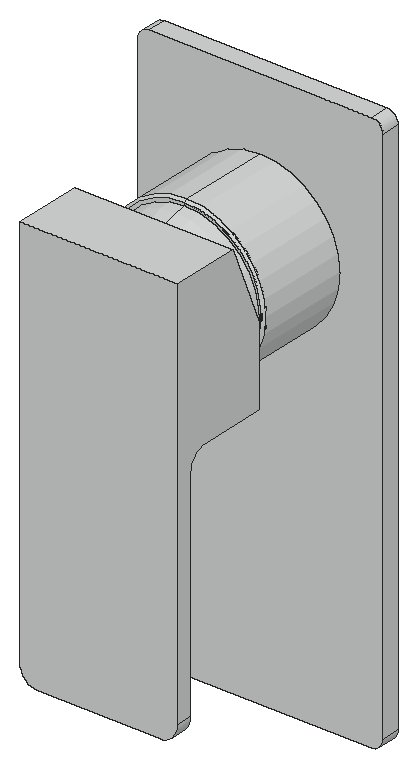
Revit family "MixerTap_Shower_Nero_Celia_Rectangular_Backplate", category Plumbing Fixtures, Revit 2022
Family settings
  Round Connector Dimension = Use Diameter
  Part Type = Normal
  OmniClass Number = 23.31.11.19
  OmniClass Title = Faucet Mixing Valves
  Work Plane-Based = No
  Always vertical = Yes
  Cut with Voids When Loaded = Yes
  Maintain Annotation Orientation = No
  Shared = No
  Room Calculation Point = No
Parameters (values of type "Chrome (NR301511bCH)")
  Waste Connection = no
  WFU = 0
  Vent Connection = no
  Uniclass2015Version = "Products v1.35"
  Uniclass2015Title = "Taps and water supply outlet fittings"
  Uniclass2015Code = "Pr_40_20_87"
  URL = "https://nerotapware.com.au/"
  Type Comments = "Mixer Tap - Shower - Rectangular - Backplate - Chrome"
  ModifiedIssue = 20251009
  Model = "NR301511bCH"
  Material = Metal_Chrome_Nero
  ManufacturerURLProductSpecific = ""
  ManufacturerSpecCode = Model  # "NR301511bCH"
  ManufacturerOverallWidth = 65 mm  # constant formula
  ManufacturerOverallHeight = 150 mm  # constant formula
  ManufacturerOverallDepth = 58.6 mm  # constant formula
  Manufacturer = "Nero"
  IfcExportType = "MIXING"
  IfcExportAs = "IfcValve"
  HWFU = 0
  HW Connection = yes
  Description = "Celia Shower Mixer Rectangular Backplate Chrome"
  Default Elevation = 1050 mm
  CreatedByURL = "https://igsgroup.com.au"
  CreatedBy = "IGS BIM Solutions"  # constant formula
  CWFU = 0
  CW Connection = yes
  Assembly Code = "D2010"
Types (3, lengths in mm): name | Type Comments | Model | Material | ManufacturerSpecCode | Description
  Chrome (NR301511bCH) | "Mixer Tap - Shower - Rectangular - Backplate - Chrome" | "NR301511bCH" | Metal_Chrome_Nero | "NR301511bCH" | "Celia Shower Mixer Rectangular Backplate Chrome"
  Matte Black (NR301511bMB) | "Mixer Tap - Shower - Rectangular - Backplate - Matte Black" | "NR301511bMB" | Metal_MatteBlack_Nero | "NR301511bMB" | "Celia Shower Mixer Rectangular Backplate Matte Black"
  Brushed Nickel (NR301511bBN) | "Mixer Tap - Shower - Rectangular - Backplate - Brushed Nickel" | "NR301511bBN" | Metal_Nickel_Nero_Brushed | "NR301511bBN" | "Celia Shower Mixer Rectangular Backplate Brushed Nickel"
Reference planes
  plane 1 "Bottom": z = -110
  plane 2 "Center (Left/Right)": x = 0.115
  plane 3 "Ref. Level": z = 0
  plane 4 "Top": z = 40
  plane 5 "Right": x = 32.615
  plane 6 "Left": x = -32.385
  plane 7 "Back": y = 70.962
  plane 8 "Front": y = 12.362
Forms (mm)
  Extrusion 1, solid, material "Metal_Chrome_Nero" <- "Material"
    sketch origin (-636.066, 70.962, 1080) x (-1, 0, 0) y (0, 0, -1)
      loop
        line (-665.681, 1040) -> (-606.681, 1040)
        arc (-606.681, 1040) -> (-604.56, 1040.879) -> (-603.681, 1043) r 3
        line (-603.681, 1043) -> (-603.681, 1187)
        arc (-603.681, 1187) -> (-604.56, 1189.121) -> (-606.681, 1190) r 3
        line (-606.681, 1190) -> (-665.681, 1190)
        arc (-665.681, 1190) -> (-667.803, 1189.121) -> (-668.681, 1187) r 3
        line (-668.681, 1187) -> (-668.681, 1043)
        arc (-668.681, 1043) -> (-667.803, 1040.879) -> (-665.681, 1040) r 3
    from 5 to 0
  Revolve 2, solid, material "Metal_Chrome_Nero" <- "Material"
    sketch origin (0.115, 85, -132.5) x (0, 1, 0) y (0, 0, 1)
      loop
        line (-19.038, 153.499) -> (-43.394, 153.499) -> (-44.038, 152.855) -> (-44.038, 151.998)
        arc (-44.038, 151.998) -> (-49.925, 150.802) -> (-55.238, 148) r 21.154
        line (-55.238, 148) -> (-55.238, 132.5) -> (-19.038, 132.5) -> (-19.038, 153.499)
      axis (-19.038, 132.5) -> (-55.238, 132.5)
    angle from 0 to 360
  Extrusion 3, solid, material "Metal_Chrome_Nero" <- "Material"
    sketch origin (0.115, 85, -132.5) x (0, 1, 0) y (0, 0, 1)
      loop
        line (-54.552, 153.5) -> (-72.638, 153.5) -> (-72.638, 48.5) -> (-68.638, 48.5) -> (-68.638, 106.5)
        arc (-68.638, 106.5) -> (-67.173, 110.036) -> (-63.638, 111.5) r 5
        line (-63.638, 111.5) -> (-45.638, 111.5) -> (-45.638, 132.5) -> (-54.552, 153.5)
    from 21 to -21
  Extrusion 4, solid, material "Metal_Chrome_Nero" <- "Material"
    sketch origin (-636.066, 12.362, 1080) x (-1, 0, 0) y (0, 0, -1)
      loop
        arc (-615.181, 1164) -> (-616.646, 1167.536) -> (-620.181, 1169) r 5
        line (-620.181, 1169) -> (-652.181, 1169)
        arc (-652.181, 1169) -> (-655.717, 1167.536) -> (-657.181, 1164) r 5
        line (-657.181, 1164) -> (-615.181, 1164)
    from 0 to -4
  Extrusion 5, solid, material "Metal_Chrome_Nero" <- "Material"
    sketch origin (-636.066, 70.962, 1080) x (-1, 0, 0) y (0, 0, -1)
      loop
        circle (-628.831, 1080) r 6.35
      loop
        circle (-643.531, 1080) r 6.35
    from 0 to -1
  Extrusion 6, void
    sketch origin (-636.066, 70.962, 1080) x (-1, 0, 0) y (0, 0, -1)
      loop
        circle (-636.181, 1080) r 15
    from 0 to -30
Cuts and joins
  joined: Revolve 2, Extrusion 3, Extrusion 4
Lines and regions (mm)
  Masking region 1
    outline origin (0, 0, 40) x (0, 1, 0) y (-1, 0, 0)
      loop
        line (70.962, 32.385) -> (65.962, 32.385) -> (65.962, 20.885) -> (41.606, 20.885) -> (40.962, 20.241) -> (40.962, 19.383)
        arc (40.962, 19.383) -> (40.16, 19.319) -> (39.362, 19.215) r 15.975
        line (39.362, 19.215) -> (39.362, 20.885) -> (12.362, 20.885) -> (12.362, -21.115) -> (39.362, -21.115) -> (39.362, -19.445)
        arc (39.362, -19.445) -> (40.16, -19.549) -> (40.962, -19.613) r 15.975
        line (40.962, -19.613) -> (40.962, -20.471) -> (41.606, -21.115) -> (65.962, -21.115) -> (65.962, -32.615) -> (70.962, -32.615) -> (70.962, 32.385)
  symbolic lines, style "Taps/Mixers", detail levels medium+fine
    curve 1: line (-19.383, 40.962, 40) -> (19.613, 40.962, 40)
    curve 2: arc (0.115, 32.144, 40) -> (6.924, 32.608, 40) -> (13.543, 34.271, 40) r 38.385
    curve 3: arc (13.543, 34.271, 40) -> (15.834, 35.296, 40) -> (17.917, 36.695, 40) r 14.689
    curve 4: arc (17.917, 36.695, 40) -> (18.935, 37.885, 40) -> (19.454, 39.362, 40) r 4.247
    curve 5: arc (0.115, 32.144, 40) -> (-6.694, 32.608, 40) -> (-13.313, 34.271, 40) r 38.385
    curve 6: arc (-13.313, 34.271, 40) -> (-15.604, 35.296, 40) -> (-17.687, 36.695, 40) r 14.689
    curve 7: arc (-17.687, 36.695, 40) -> (-18.705, 37.885, 40) -> (-19.224, 39.362, 40) r 4.247
    curve 8: line (-20.885, 30.448, 40) -> (21.115, 30.448, 40)
    curve 9: line (-20.884, 65.962, 40) -> (21.114, 65.962, 40)
Text (mm)
  text "Disclaimer:\nDue to ongoing product development and manufacturing evolution, product details are subject to change without notice. Please refer to product technical data sheets on the manufacturers website for the most current product information. Please allow a +/- 5mm manufacturing tolerance for dimensions and set-outs shown in product literature." at (192.79, 237.218, 0), in view "Ref. Level"
Dimensions and locks
  "ManufacturerOverallHeight": plane 4 "Top" to plane 1 "Bottom"
  equal spacing: plane 6 "Left", plane 2 "Center (Left/Right)", plane 5 "Right"
  "ManufacturerOverallWidth": plane 6 "Left" to plane 5 "Right"
  "ManufacturerOverallDepth": plane 8 "Front" to plane 7 "Back"
Automatic sketch dimensions
  Extrusion 1 sketch curve to plane 5 "Right" = 0 mm
  Extrusion 1 sketch curve to plane 1 "Bottom" = 0 mm
  Extrusion 1 sketch curve to plane 4 "Top" = 0 mm
  plane 6 "Left" to Extrusion 1 sketch curve = 0 mm
  Extrusion 1 sketch curve to plane 5 "Right" = 3 mm
  Extrusion 1 sketch curve to Extrusion 1 sketch curve = 3 mm
  Extrusion 1 sketch curve to plane 6 "Left" = 3 mm  (x2)
  Revolve 2 sketch curve to level = 0 mm  (x2)
  Revolve 2 sketch curve to Revolve 2 sketch curve = 0.644 mm
  plane 7 "Back" to Revolve 2 sketch curve = 5 mm
  Revolve 2 sketch curve to plane 4 "Top" = 19.001 mm
  Revolve 2 sketch curve to plane 8 "Front" = 17.4 mm
  Revolve 2 sketch curve to Revolve 2 sketch curve = 0 mm
  Revolve 2 sketch curve to Revolve 2 sketch curve = 11.2 mm
  Revolve 2 sketch curve to level = 1.62 mm
  Revolve 2 sketch curve to Revolve 2 sketch curve = 12.425 mm
  Revolve 2 sketch curve to Revolve 2 sketch curve = 5.499 mm
  Revolve 2 sketch curve to Revolve 2 sketch curve = 0.857 mm
  Revolve 2 sketch curve to Revolve 2 sketch curve = 2.875 mm
  Extrusion 3 sketch curve to level = 0 mm
  Extrusion 3 sketch curve to Extrusion 3 sketch curve = 5 mm
  Extrusion 3 sketch curve to Extrusion 3 sketch curve = 18.086 mm
  Extrusion 3 sketch curve to Extrusion 3 sketch curve = 18 mm
  Extrusion 3 sketch curve to Extrusion 3 sketch curve = 21 mm
  Extrusion 3 sketch curve to plane 4 "Top" = 19 mm
  plane 8 "Front" to Extrusion 3 sketch curve = 0 mm
  Extrusion 3 sketch curve to plane 8 "Front" = 4 mm
  plane 1 "Bottom" to Extrusion 3 sketch curve = 26 mm
  plane 1 "Bottom" to Extrusion 4 sketch curve = 26 mm
  Extrusion 4 sketch curve to plane 6 "Left" = 11.5 mm
  Extrusion 4 sketch curve to Extrusion 4 sketch curve = 5 mm
  Extrusion 4 sketch curve to plane 5 "Right" = 11.5 mm
  Extrusion 5 sketch curve to level = 0 mm  (x2)
  plane 2 "Center (Left/Right)" to Extrusion 5 sketch curve = 7.35 mm
  Extrusion 5 sketch curve to plane 2 "Center (Left/Right)" = 7.35 mm
  Extrusion 6 sketch curve to level = 0 mm
  Extrusion 6 sketch curve to plane 2 "Center (Left/Right)" = 0 mm
  plane 8 "Front" to Masking region 1 sketch curve = 0 mm
  Masking region 1 sketch curve to plane 5 "Right" = 0 mm
  Masking region 1 sketch curve to plane 6 "Left" = 0 mm
  plane 7 "Back" to Masking region 1 sketch curve = 0 mm
  Masking region 1 sketch curve to plane 5 "Right" = 11.5 mm  (x2)
  Masking region 1 sketch curve to Masking region 1 sketch curve = 27 mm
  Masking region 1 sketch curve to plane 6 "Left" = 11.5 mm  (x2)
  Masking region 1 sketch curve to plane 8 "Front" = 27 mm
  Masking region 1 sketch curve to Masking region 1 sketch curve = 1.6 mm  (x2)
  Masking region 1 sketch curve to Masking region 1 sketch curve = 0.644 mm  (x3)
  Masking region 1 sketch curve to plane 2 "Center (Left/Right)" = 3.547 mm
  Masking region 1 sketch curve to Masking region 1 sketch curve = 0.868 mm
  plane 2 "Center (Left/Right)" to Masking region 1 sketch curve = 3.547 mm
  Masking region 1 sketch curve to Masking region 1 sketch curve = 0 mm
  plane 7 "Back" to Masking region 1 sketch curve = 5 mm  (x2)
  Masking region 1 sketch curve to Masking region 1 sketch curve = 0.858 mm  (x2)
  Masking region 1 sketch curve to Masking region 1 sketch curve = 1.67 mm
  curve 2 to plane 2 "Center (Left/Right)" = 0 mm
  plane 2 "Center (Left/Right)" to curve 4 = 15.14 mm
  curve 4 to plane 8 "Front" = 27.643 mm
  curve 7 to plane 2 "Center (Left/Right)" = 15.14 mm
  curve 7 to plane 8 "Front" = 27.643 mm
  curve 4 to curve 3 = 8.138 mm
  curve 7 to curve 6 = 8.138 mm
  plane 7 "Back" to curve 2 = 0.442 mm
  plane 7 "Back" to curve 5 = 0.442 mm
  plane 2 "Center (Left/Right)" to curve 3 = 8.597 mm
  plane 2 "Center (Left/Right)" to curve 2 = 0.804 mm
  curve 5 to plane 2 "Center (Left/Right)" = 0.804 mm
  curve 6 to plane 2 "Center (Left/Right)" = 8.597 mm
  curve 7 to curve 7 = 0.643 mm
  curve 4 to curve 4 = 0.643 mm
  curve 3 to curve 4 = 2.667 mm
  curve 6 to curve 7 = 2.667 mm
  curve 7 to curve 6 = 0 mm
  curve 4 to curve 3 = 0 mm
  curve 5 to curve 6 = 0 mm
  curve 8 to curve 3 = 6.247 mm
  curve 4 to curve 1 = 1.6 mm
  plane 7 "Back" to curve 9 = 5 mm
  curve 1 to curve 4 = 0.16 mm
  curve 9 to plane 5 "Right" = 11.501 mm
  curve 8 to curve 3 = 3.198 mm
  curve 7 to curve 1 = 0.16 mm
  curve 9 to plane 6 "Left" = 11.501 mm
  curve 6 to curve 8 = 3.198 mm
  radius of Extrusion 5 sketch curve = 6.35 mm  (x2)
  radius of Extrusion 6 sketch curve = 15 mm
Connectors
  piping at (-7.235, 71.962, 0), diameter 12.7, driven by "HW Connection"
    settings: on Extrusion 5, index 1, connector inside diameter 609.6 mm, connector length 0 mm, flow factor 0, pipe flow 0.0 L/s, pressure drop 0.0 Pa, fitting loss kfactor 0, connector angle 0.00°, fixture units 0, engagement length 0 mm, angle of deflection 0.00°, flow configuration 2, flow direction 1, fitting loss method 0, system type 19, joint type 0, gender type 0, connector reference index -1, connector utility 1, adjustable connector no, is connector primary yes, connector description "Hot Water Supply"
  piping at (7.465, 71.962, 0), diameter 12.7, driven by "CW Connection"
    settings: on Extrusion 5, index 2, connector inside diameter 609.6 mm, connector length 0 mm, flow factor 0, pipe flow 0.0 L/s, pressure drop 0.0 Pa, fitting loss kfactor 0, connector angle 0.00°, fixture units 0, engagement length 0 mm, angle of deflection 0.00°, flow configuration 2, flow direction 1, fitting loss method 0, system type 20, joint type 0, gender type 0, connector reference index -1, connector utility 1, adjustable connector no, is connector primary no, connector description "Cold Water Supply"
